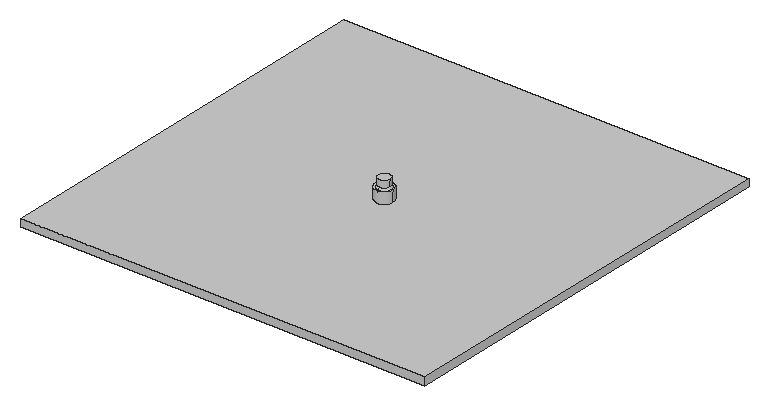
Revit family "SG0086523061CW", category Aparatos sanitarios, Revit 2019 (continued)
Automatic sketch dimensions
  plane 1 "Centro (Frontal/Posterior)" to Extrusion 1313 sketch curve = 150.0 mm
  Extrusion 1314 sketch curve to plane 4 = 125.0 mm
  plane 1 "Centro (Frontal/Posterior)" to Extrusion 1314 sketch curve = 150.0 mm
  Extrusion 1315 sketch curve to plane 4 = 125.0 mm
  plane 1 "Centro (Frontal/Posterior)" to Extrusion 1315 sketch curve = 150.0 mm
  Extrusion 1316 sketch curve to plane 4 = 150.0 mm
  plane 1 "Centro (Frontal/Posterior)" to Extrusion 1316 sketch curve = 150.0 mm
  Extrusion 1317 sketch curve to plane 4 = 150.0 mm
  plane 1 "Centro (Frontal/Posterior)" to Extrusion 1317 sketch curve = 150.0 mm
  Extrusion 1318 sketch curve to plane 4 = 175.0 mm
  plane 1 "Centro (Frontal/Posterior)" to Extrusion 1318 sketch curve = 150.0 mm
  Extrusion 1319 sketch curve to plane 4 = 175.0 mm
  plane 1 "Centro (Frontal/Posterior)" to Extrusion 1319 sketch curve = 150.0 mm
  Extrusion 1320 sketch curve to plane 3 "Centro (Izquierda/Derecha)" = 200.0 mm
  plane 1 "Centro (Frontal/Posterior)" to Extrusion 1320 sketch curve = 150.0 mm
  Extrusion 1321 sketch curve to plane 3 "Centro (Izquierda/Derecha)" = 200.0 mm
  plane 1 "Centro (Frontal/Posterior)" to Extrusion 1321 sketch curve = 150.0 mm
  Extrusion 1322 sketch curve to plane 3 "Centro (Izquierda/Derecha)" = 175.0 mm
  plane 1 "Centro (Frontal/Posterior)" to Extrusion 1322 sketch curve = 150.0 mm
  Extrusion 1323 sketch curve to plane 3 "Centro (Izquierda/Derecha)" = 175.0 mm
  plane 1 "Centro (Frontal/Posterior)" to Extrusion 1323 sketch curve = 150.0 mm
  Extrusion 1324 sketch curve to plane 3 "Centro (Izquierda/Derecha)" = 150.0 mm
  plane 1 "Centro (Frontal/Posterior)" to Extrusion 1324 sketch curve = 150.0 mm
  Extrusion 1325 sketch curve to plane 3 "Centro (Izquierda/Derecha)" = 150.0 mm
  plane 1 "Centro (Frontal/Posterior)" to Extrusion 1325 sketch curve = 150.0 mm
  Extrusion 1326 sketch curve to plane 3 "Centro (Izquierda/Derecha)" = 125.0 mm
  plane 1 "Centro (Frontal/Posterior)" to Extrusion 1326 sketch curve = 150.0 mm
  Extrusion 1327 sketch curve to plane 3 "Centro (Izquierda/Derecha)" = 125.0 mm
  plane 1 "Centro (Frontal/Posterior)" to Extrusion 1327 sketch curve = 150.0 mm
  Extrusion 1328 sketch curve to plane 3 "Centro (Izquierda/Derecha)" = 100.0 mm
  plane 1 "Centro (Frontal/Posterior)" to Extrusion 1328 sketch curve = 150.0 mm
  Extrusion 1329 sketch curve to plane 3 "Centro (Izquierda/Derecha)" = 100.0 mm
  plane 1 "Centro (Frontal/Posterior)" to Extrusion 1329 sketch curve = 150.0 mm
  Extrusion 1330 sketch curve to plane 3 "Centro (Izquierda/Derecha)" = 75.0 mm
  plane 1 "Centro (Frontal/Posterior)" to Extrusion 1330 sketch curve = 150.0 mm
  Extrusion 1331 sketch curve to plane 3 "Centro (Izquierda/Derecha)" = 75.0 mm
  plane 1 "Centro (Frontal/Posterior)" to Extrusion 1331 sketch curve = 150.0 mm
  Extrusion 1332 sketch curve to plane 3 "Centro (Izquierda/Derecha)" = 50.0 mm
  plane 1 "Centro (Frontal/Posterior)" to Extrusion 1332 sketch curve = 150.0 mm
  Extrusion 1333 sketch curve to plane 3 "Centro (Izquierda/Derecha)" = 50.0 mm
  plane 1 "Centro (Frontal/Posterior)" to Extrusion 1333 sketch curve = 150.0 mm
  Extrusion 1334 sketch curve to plane 3 "Centro (Izquierda/Derecha)" = 25.0 mm
  plane 1 "Centro (Frontal/Posterior)" to Extrusion 1334 sketch curve = 150.0 mm
  Extrusion 1335 sketch curve to plane 3 "Centro (Izquierda/Derecha)" = 25.0 mm
  plane 1 "Centro (Frontal/Posterior)" to Extrusion 1335 sketch curve = 150.0 mm
  Extrusion 1336 sketch curve to plane 3 "Centro (Izquierda/Derecha)" = 0.0 mm
  plane 1 "Centro (Frontal/Posterior)" to Extrusion 1336 sketch curve = 150.0 mm
  Extrusion 1337 sketch curve to plane 3 "Centro (Izquierda/Derecha)" = 0.0 mm
  plane 1 "Centro (Frontal/Posterior)" to Extrusion 1337 sketch curve = 150.0 mm
  plane 3 "Centro (Izquierda/Derecha)" to Extrusion 1338 sketch curve = 25.0 mm
  plane 1 "Centro (Frontal/Posterior)" to Extrusion 1338 sketch curve = 150.0 mm
  plane 3 "Centro (Izquierda/Derecha)" to Extrusion 1339 sketch curve = 25.0 mm
  plane 1 "Centro (Frontal/Posterior)" to Extrusion 1339 sketch curve = 150.0 mm
  plane 3 "Centro (Izquierda/Derecha)" to Extrusion 1340 sketch curve = 50.0 mm
  plane 1 "Centro (Frontal/Posterior)" to Extrusion 1340 sketch curve = 150.0 mm
  plane 3 "Centro (Izquierda/Derecha)" to Extrusion 1341 sketch curve = 50.0 mm
  plane 1 "Centro (Frontal/Posterior)" to Extrusion 1341 sketch curve = 150.0 mm
  plane 3 "Centro (Izquierda/Derecha)" to Extrusion 1342 sketch curve = 75.0 mm
  plane 1 "Centro (Frontal/Posterior)" to Extrusion 1342 sketch curve = 150.0 mm
  plane 3 "Centro (Izquierda/Derecha)" to Extrusion 1343 sketch curve = 75.0 mm
  plane 1 "Centro (Frontal/Posterior)" to Extrusion 1343 sketch curve = 150.0 mm
  plane 3 "Centro (Izquierda/Derecha)" to Extrusion 1344 sketch curve = 100.0 mm
  plane 1 "Centro (Frontal/Posterior)" to Extrusion 1344 sketch curve = 150.0 mm
  plane 3 "Centro (Izquierda/Derecha)" to Extrusion 1345 sketch curve = 100.0 mm
  plane 1 "Centro (Frontal/Posterior)" to Extrusion 1345 sketch curve = 150.0 mm
  plane 3 "Centro (Izquierda/Derecha)" to Extrusion 1346 sketch curve = 125.0 mm
  plane 1 "Centro (Frontal/Posterior)" to Extrusion 1346 sketch curve = 150.0 mm
  plane 3 "Centro (Izquierda/Derecha)" to Extrusion 1347 sketch curve = 125.0 mm
  plane 1 "Centro (Frontal/Posterior)" to Extrusion 1347 sketch curve = 150.0 mm
  plane 3 "Centro (Izquierda/Derecha)" to Extrusion 1348 sketch curve = 150.0 mm
  plane 1 "Centro (Frontal/Posterior)" to Extrusion 1348 sketch curve = 150.0 mm
  plane 3 "Centro (Izquierda/Derecha)" to Extrusion 1349 sketch curve = 150.0 mm
  plane 1 "Centro (Frontal/Posterior)" to Extrusion 1349 sketch curve = 150.0 mm
  plane 3 "Centro (Izquierda/Derecha)" to Extrusion 1350 sketch curve = 175.0 mm
  plane 1 "Centro (Frontal/Posterior)" to Extrusion 1350 sketch curve = 150.0 mm
  plane 3 "Centro (Izquierda/Derecha)" to Extrusion 1351 sketch curve = 175.0 mm
  plane 1 "Centro (Frontal/Posterior)" to Extrusion 1351 sketch curve = 150.0 mm
  plane 3 "Centro (Izquierda/Derecha)" to Extrusion 1352 sketch curve = 200.0 mm
  plane 1 "Centro (Frontal/Posterior)" to Extrusion 1352 sketch curve = 150.0 mm
  plane 3 "Centro (Izquierda/Derecha)" to Extrusion 1353 sketch curve = 200.0 mm
  plane 1 "Centro (Frontal/Posterior)" to Extrusion 1353 sketch curve = 150.0 mm
  plane 5 to Extrusion 1354 sketch curve = 175.0 mm
  plane 1 "Centro (Frontal/Posterior)" to Extrusion 1354 sketch curve = 150.0 mm
  plane 5 to Extrusion 1355 sketch curve = 175.0 mm
  plane 1 "Centro (Frontal/Posterior)" to Extrusion 1355 sketch curve = 150.0 mm
  plane 5 to Extrusion 1356 sketch curve = 150.0 mm
  plane 1 "Centro (Frontal/Posterior)" to Extrusion 1356 sketch curve = 150.0 mm
  plane 5 to Extrusion 1357 sketch curve = 150.0 mm
  plane 1 "Centro (Frontal/Posterior)" to Extrusion 1357 sketch curve = 150.0 mm
  plane 5 to Extrusion 1358 sketch curve = 125.0 mm
  plane 1 "Centro (Frontal/Posterior)" to Extrusion 1358 sketch curve = 150.0 mm
  plane 5 to Extrusion 1359 sketch curve = 125.0 mm
  plane 1 "Centro (Frontal/Posterior)" to Extrusion 1359 sketch curve = 150.0 mm
  plane 5 to Extrusion 1360 sketch curve = 100.0 mm
  plane 1 "Centro (Frontal/Posterior)" to Extrusion 1360 sketch curve = 150.0 mm
  plane 5 to Extrusion 1361 sketch curve = 100.0 mm
  plane 1 "Centro (Frontal/Posterior)" to Extrusion 1361 sketch curve = 150.0 mm
  plane 5 to Extrusion 1362 sketch curve = 75.0 mm
  plane 1 "Centro (Frontal/Posterior)" to Extrusion 1362 sketch curve = 150.0 mm
  plane 5 to Extrusion 1363 sketch curve = 75.0 mm
  plane 1 "Centro (Frontal/Posterior)" to Extrusion 1363 sketch curve = 150.0 mm
  plane 5 to Extrusion 1364 sketch curve = 50.0 mm
  plane 1 "Centro (Frontal/Posterior)" to Extrusion 1364 sketch curve = 150.0 mm
  plane 5 to Extrusion 1365 sketch curve = 50.0 mm
  plane 1 "Centro (Frontal/Posterior)" to Extrusion 1365 sketch curve = 150.0 mm
  plane 5 to Extrusion 1366 sketch curve = 25.0 mm
  plane 1 "Centro (Frontal/Posterior)" to Extrusion 1366 sketch curve = 150.0 mm
  plane 5 to Extrusion 1367 sketch curve = 25.0 mm
  plane 1 "Centro (Frontal/Posterior)" to Extrusion 1367 sketch curve = 150.0 mm
  Extrusion 1368 sketch curve to plane 4 = 25.0 mm
  plane 1 "Centro (Frontal/Posterior)" to Extrusion 1368 sketch curve = 175.0 mm
  Extrusion 1369 sketch curve to plane 4 = 25.0 mm
  plane 1 "Centro (Frontal/Posterior)" to Extrusion 1369 sketch curve = 175.0 mm
  Extrusion 1370 sketch curve to plane 4 = 50.0 mm
  plane 1 "Centro (Frontal/Posterior)" to Extrusion 1370 sketch curve = 175.0 mm
  Extrusion 1371 sketch curve to plane 4 = 50.0 mm
  plane 1 "Centro (Frontal/Posterior)" to Extrusion 1371 sketch curve = 175.0 mm
  Extrusion 1372 sketch curve to plane 4 = 75.0 mm
  plane 1 "Centro (Frontal/Posterior)" to Extrusion 1372 sketch curve = 175.0 mm
  Extrusion 1373 sketch curve to plane 4 = 75.0 mm
  plane 1 "Centro (Frontal/Posterior)" to Extrusion 1373 sketch curve = 175.0 mm
  Extrusion 1374 sketch curve to plane 4 = 100.0 mm
  plane 1 "Centro (Frontal/Posterior)" to Extrusion 1374 sketch curve = 175.0 mm
  Extrusion 1375 sketch curve to plane 4 = 100.0 mm
  plane 1 "Centro (Frontal/Posterior)" to Extrusion 1375 sketch curve = 175.0 mm
  Extrusion 1376 sketch curve to plane 4 = 125.0 mm
  plane 1 "Centro (Frontal/Posterior)" to Extrusion 1376 sketch curve = 175.0 mm
  Extrusion 1377 sketch curve to plane 4 = 125.0 mm
  plane 1 "Centro (Frontal/Posterior)" to Extrusion 1377 sketch curve = 175.0 mm
  Extrusion 1378 sketch curve to plane 4 = 150.0 mm
  plane 1 "Centro (Frontal/Posterior)" to Extrusion 1378 sketch curve = 175.0 mm
  Extrusion 1379 sketch curve to plane 4 = 150.0 mm
  plane 1 "Centro (Frontal/Posterior)" to Extrusion 1379 sketch curve = 175.0 mm
  Extrusion 1380 sketch curve to plane 4 = 175.0 mm
  plane 1 "Centro (Frontal/Posterior)" to Extrusion 1380 sketch curve = 175.0 mm
  Extrusion 1381 sketch curve to plane 4 = 175.0 mm
  plane 1 "Centro (Frontal/Posterior)" to Extrusion 1381 sketch curve = 175.0 mm
  Extrusion 1382 sketch curve to plane 3 "Centro (Izquierda/Derecha)" = 200.0 mm
  plane 1 "Centro (Frontal/Posterior)" to Extrusion 1382 sketch curve = 175.0 mm
  Extrusion 1383 sketch curve to plane 3 "Centro (Izquierda/Derecha)" = 200.0 mm
  plane 1 "Centro (Frontal/Posterior)" to Extrusion 1383 sketch curve = 175.0 mm
  Extrusion 1384 sketch curve to plane 3 "Centro (Izquierda/Derecha)" = 175.0 mm
  plane 1 "Centro (Frontal/Posterior)" to Extrusion 1384 sketch curve = 175.0 mm
  Extrusion 1385 sketch curve to plane 3 "Centro (Izquierda/Derecha)" = 175.0 mm
  plane 1 "Centro (Frontal/Posterior)" to Extrusion 1385 sketch curve = 175.0 mm
  Extrusion 1386 sketch curve to plane 3 "Centro (Izquierda/Derecha)" = 150.0 mm
  plane 1 "Centro (Frontal/Posterior)" to Extrusion 1386 sketch curve = 175.0 mm
  Extrusion 1387 sketch curve to plane 3 "Centro (Izquierda/Derecha)" = 150.0 mm
  plane 1 "Centro (Frontal/Posterior)" to Extrusion 1387 sketch curve = 175.0 mm
  Extrusion 1388 sketch curve to plane 3 "Centro (Izquierda/Derecha)" = 125.0 mm
  plane 1 "Centro (Frontal/Posterior)" to Extrusion 1388 sketch curve = 175.0 mm
  Extrusion 1389 sketch curve to plane 3 "Centro (Izquierda/Derecha)" = 125.0 mm
  plane 1 "Centro (Frontal/Posterior)" to Extrusion 1389 sketch curve = 175.0 mm
  Extrusion 1390 sketch curve to plane 3 "Centro (Izquierda/Derecha)" = 100.0 mm
  plane 1 "Centro (Frontal/Posterior)" to Extrusion 1390 sketch curve = 175.0 mm
  Extrusion 1391 sketch curve to plane 3 "Centro (Izquierda/Derecha)" = 100.0 mm
  plane 1 "Centro (Frontal/Posterior)" to Extrusion 1391 sketch curve = 175.0 mm
  Extrusion 1392 sketch curve to plane 3 "Centro (Izquierda/Derecha)" = 75.0 mm
  plane 1 "Centro (Frontal/Posterior)" to Extrusion 1392 sketch curve = 175.0 mm
  Extrusion 1393 sketch curve to plane 3 "Centro (Izquierda/Derecha)" = 75.0 mm
  plane 1 "Centro (Frontal/Posterior)" to Extrusion 1393 sketch curve = 175.0 mm
  Extrusion 1394 sketch curve to plane 3 "Centro (Izquierda/Derecha)" = 50.0 mm
  plane 1 "Centro (Frontal/Posterior)" to Extrusion 1394 sketch curve = 175.0 mm
  Extrusion 1395 sketch curve to plane 3 "Centro (Izquierda/Derecha)" = 50.0 mm
  plane 1 "Centro (Frontal/Posterior)" to Extrusion 1395 sketch curve = 175.0 mm
  Extrusion 1396 sketch curve to plane 3 "Centro (Izquierda/Derecha)" = 25.0 mm
  plane 1 "Centro (Frontal/Posterior)" to Extrusion 1396 sketch curve = 175.0 mm
  Extrusion 1397 sketch curve to plane 3 "Centro (Izquierda/Derecha)" = 25.0 mm
  plane 1 "Centro (Frontal/Posterior)" to Extrusion 1397 sketch curve = 175.0 mm
  Extrusion 1398 sketch curve to plane 3 "Centro (Izquierda/Derecha)" = 0.0 mm
  plane 1 "Centro (Frontal/Posterior)" to Extrusion 1398 sketch curve = 175.0 mm
  Extrusion 1399 sketch curve to plane 3 "Centro (Izquierda/Derecha)" = 0.0 mm
  plane 1 "Centro (Frontal/Posterior)" to Extrusion 1399 sketch curve = 175.0 mm
  plane 3 "Centro (Izquierda/Derecha)" to Extrusion 1400 sketch curve = 25.0 mm
  plane 1 "Centro (Frontal/Posterior)" to Extrusion 1400 sketch curve = 175.0 mm
  plane 3 "Centro (Izquierda/Derecha)" to Extrusion 1401 sketch curve = 25.0 mm
  plane 1 "Centro (Frontal/Posterior)" to Extrusion 1401 sketch curve = 175.0 mm
  plane 3 "Centro (Izquierda/Derecha)" to Extrusion 1402 sketch curve = 50.0 mm
  plane 1 "Centro (Frontal/Posterior)" to Extrusion 1402 sketch curve = 175.0 mm
  plane 3 "Centro (Izquierda/Derecha)" to Extrusion 1403 sketch curve = 50.0 mm
  plane 1 "Centro (Frontal/Posterior)" to Extrusion 1403 sketch curve = 175.0 mm
  plane 3 "Centro (Izquierda/Derecha)" to Extrusion 1404 sketch curve = 75.0 mm
  plane 1 "Centro (Frontal/Posterior)" to Extrusion 1404 sketch curve = 175.0 mm
  plane 3 "Centro (Izquierda/Derecha)" to Extrusion 1405 sketch curve = 75.0 mm
  plane 1 "Centro (Frontal/Posterior)" to Extrusion 1405 sketch curve = 175.0 mm
  plane 3 "Centro (Izquierda/Derecha)" to Extrusion 1406 sketch curve = 100.0 mm
  plane 1 "Centro (Frontal/Posterior)" to Extrusion 1406 sketch curve = 175.0 mm
  plane 3 "Centro (Izquierda/Derecha)" to Extrusion 1407 sketch curve = 100.0 mm
  plane 1 "Centro (Frontal/Posterior)" to Extrusion 1407 sketch curve = 175.0 mm
  plane 3 "Centro (Izquierda/Derecha)" to Extrusion 1408 sketch curve = 125.0 mm
  plane 1 "Centro (Frontal/Posterior)" to Extrusion 1408 sketch curve = 175.0 mm
  plane 3 "Centro (Izquierda/Derecha)" to Extrusion 1409 sketch curve = 125.0 mm
  plane 1 "Centro (Frontal/Posterior)" to Extrusion 1409 sketch curve = 175.0 mm
  plane 3 "Centro (Izquierda/Derecha)" to Extrusion 1410 sketch curve = 150.0 mm
  plane 1 "Centro (Frontal/Posterior)" to Extrusion 1410 sketch curve = 175.0 mm
  plane 3 "Centro (Izquierda/Derecha)" to Extrusion 1411 sketch curve = 150.0 mm
  plane 1 "Centro (Frontal/Posterior)" to Extrusion 1411 sketch curve = 175.0 mm
  plane 3 "Centro (Izquierda/Derecha)" to Extrusion 1412 sketch curve = 175.0 mm
  plane 1 "Centro (Frontal/Posterior)" to Extrusion 1412 sketch curve = 175.0 mm
  plane 3 "Centro (Izquierda/Derecha)" to Extrusion 1413 sketch curve = 175.0 mm
  plane 1 "Centro (Frontal/Posterior)" to Extrusion 1413 sketch curve = 175.0 mm
  plane 3 "Centro (Izquierda/Derecha)" to Extrusion 1414 sketch curve = 200.0 mm
  plane 1 "Centro (Frontal/Posterior)" to Extrusion 1414 sketch curve = 175.0 mm
  plane 3 "Centro (Izquierda/Derecha)" to Extrusion 1415 sketch curve = 200.0 mm
  plane 1 "Centro (Frontal/Posterior)" to Extrusion 1415 sketch curve = 175.0 mm
  plane 5 to Extrusion 1416 sketch curve = 175.0 mm
  plane 1 "Centro (Frontal/Posterior)" to Extrusion 1416 sketch curve = 175.0 mm
  plane 5 to Extrusion 1417 sketch curve = 175.0 mm
  plane 1 "Centro (Frontal/Posterior)" to Extrusion 1417 sketch curve = 175.0 mm
  plane 5 to Extrusion 1418 sketch curve = 150.0 mm
  plane 1 "Centro (Frontal/Posterior)" to Extrusion 1418 sketch curve = 175.0 mm
  plane 5 to Extrusion 1419 sketch curve = 150.0 mm
  plane 1 "Centro (Frontal/Posterior)" to Extrusion 1419 sketch curve = 175.0 mm
  plane 5 to Extrusion 1420 sketch curve = 125.0 mm
  plane 1 "Centro (Frontal/Posterior)" to Extrusion 1420 sketch curve = 175.0 mm
  plane 5 to Extrusion 1421 sketch curve = 125.0 mm
  plane 1 "Centro (Frontal/Posterior)" to Extrusion 1421 sketch curve = 175.0 mm
  plane 5 to Extrusion 1422 sketch curve = 100.0 mm
  plane 1 "Centro (Frontal/Posterior)" to Extrusion 1422 sketch curve = 175.0 mm
  plane 5 to Extrusion 1423 sketch curve = 100.0 mm
  plane 1 "Centro (Frontal/Posterior)" to Extrusion 1423 sketch curve = 175.0 mm
  plane 5 to Extrusion 1424 sketch curve = 75.0 mm
  plane 1 "Centro (Frontal/Posterior)" to Extrusion 1424 sketch curve = 175.0 mm
  plane 5 to Extrusion 1425 sketch curve = 75.0 mm
  plane 1 "Centro (Frontal/Posterior)" to Extrusion 1425 sketch curve = 175.0 mm
  plane 5 to Extrusion 1426 sketch curve = 50.0 mm
  plane 1 "Centro (Frontal/Posterior)" to Extrusion 1426 sketch curve = 175.0 mm
  plane 5 to Extrusion 1427 sketch curve = 50.0 mm
  plane 1 "Centro (Frontal/Posterior)" to Extrusion 1427 sketch curve = 175.0 mm
  plane 5 to Extrusion 1428 sketch curve = 25.0 mm
  plane 1 "Centro (Frontal/Posterior)" to Extrusion 1428 sketch curve = 175.0 mm
  plane 5 to Extrusion 1429 sketch curve = 25.0 mm
  plane 1 "Centro (Frontal/Posterior)" to Extrusion 1429 sketch curve = 175.0 mm
  Extrusion 1430 sketch curve to plane 4 = 25.0 mm
  plane 1 "Centro (Frontal/Posterior)" to Extrusion 1430 sketch curve = 200.0 mm
  Extrusion 1431 sketch curve to plane 4 = 25.0 mm
  plane 1 "Centro (Frontal/Posterior)" to Extrusion 1431 sketch curve = 200.0 mm
  Extrusion 1432 sketch curve to plane 4 = 50.0 mm
  plane 1 "Centro (Frontal/Posterior)" to Extrusion 1432 sketch curve = 200.0 mm
  Extrusion 1433 sketch curve to plane 4 = 50.0 mm
  plane 1 "Centro (Frontal/Posterior)" to Extrusion 1433 sketch curve = 200.0 mm
  Extrusion 1434 sketch curve to plane 4 = 75.0 mm
  plane 1 "Centro (Frontal/Posterior)" to Extrusion 1434 sketch curve = 200.0 mm
  Extrusion 1435 sketch curve to plane 4 = 75.0 mm
  plane 1 "Centro (Frontal/Posterior)" to Extrusion 1435 sketch curve = 200.0 mm
  Extrusion 1436 sketch curve to plane 4 = 100.0 mm
  plane 1 "Centro (Frontal/Posterior)" to Extrusion 1436 sketch curve = 200.0 mm
  Extrusion 1437 sketch curve to plane 4 = 100.0 mm
  plane 1 "Centro (Frontal/Posterior)" to Extrusion 1437 sketch curve = 200.0 mm
  Extrusion 1438 sketch curve to plane 4 = 125.0 mm
  plane 1 "Centro (Frontal/Posterior)" to Extrusion 1438 sketch curve = 200.0 mm
  Extrusion 1439 sketch curve to plane 4 = 125.0 mm
  plane 1 "Centro (Frontal/Posterior)" to Extrusion 1439 sketch curve = 200.0 mm
  Extrusion 1440 sketch curve to plane 4 = 150.0 mm
  plane 1 "Centro (Frontal/Posterior)" to Extrusion 1440 sketch curve = 200.0 mm
  Extrusion 1441 sketch curve to plane 4 = 150.0 mm
  plane 1 "Centro (Frontal/Posterior)" to Extrusion 1441 sketch curve = 200.0 mm
  Extrusion 1442 sketch curve to plane 4 = 175.0 mm
  plane 1 "Centro (Frontal/Posterior)" to Extrusion 1442 sketch curve = 200.0 mm
  Extrusion 1443 sketch curve to plane 4 = 175.0 mm
  plane 1 "Centro (Frontal/Posterior)" to Extrusion 1443 sketch curve = 200.0 mm
  Extrusion 1444 sketch curve to plane 3 "Centro (Izquierda/Derecha)" = 200.0 mm
  plane 1 "Centro (Frontal/Posterior)" to Extrusion 1444 sketch curve = 200.0 mm
  Extrusion 1445 sketch curve to plane 3 "Centro (Izquierda/Derecha)" = 200.0 mm
  plane 1 "Centro (Frontal/Posterior)" to Extrusion 1445 sketch curve = 200.0 mm
  Extrusion 1446 sketch curve to plane 3 "Centro (Izquierda/Derecha)" = 175.0 mm
  plane 1 "Centro (Frontal/Posterior)" to Extrusion 1446 sketch curve = 200.0 mm
  Extrusion 1447 sketch curve to plane 3 "Centro (Izquierda/Derecha)" = 175.0 mm
  plane 1 "Centro (Frontal/Posterior)" to Extrusion 1447 sketch curve = 200.0 mm
  Extrusion 1448 sketch curve to plane 3 "Centro (Izquierda/Derecha)" = 150.0 mm
  plane 1 "Centro (Frontal/Posterior)" to Extrusion 1448 sketch curve = 200.0 mm
  Extrusion 1449 sketch curve to plane 3 "Centro (Izquierda/Derecha)" = 150.0 mm
  plane 1 "Centro (Frontal/Posterior)" to Extrusion 1449 sketch curve = 200.0 mm
  Extrusion 1450 sketch curve to plane 3 "Centro (Izquierda/Derecha)" = 125.0 mm
  plane 1 "Centro (Frontal/Posterior)" to Extrusion 1450 sketch curve = 200.0 mm
  Extrusion 1451 sketch curve to plane 3 "Centro (Izquierda/Derecha)" = 125.0 mm
  plane 1 "Centro (Frontal/Posterior)" to Extrusion 1451 sketch curve = 200.0 mm
  Extrusion 1452 sketch curve to plane 3 "Centro (Izquierda/Derecha)" = 100.0 mm
  plane 1 "Centro (Frontal/Posterior)" to Extrusion 1452 sketch curve = 200.0 mm
  Extrusion 1453 sketch curve to plane 3 "Centro (Izquierda/Derecha)" = 100.0 mm
  plane 1 "Centro (Frontal/Posterior)" to Extrusion 1453 sketch curve = 200.0 mm
  Extrusion 1454 sketch curve to plane 3 "Centro (Izquierda/Derecha)" = 75.0 mm
  plane 1 "Centro (Frontal/Posterior)" to Extrusion 1454 sketch curve = 200.0 mm
  Extrusion 1455 sketch curve to plane 3 "Centro (Izquierda/Derecha)" = 75.0 mm
  plane 1 "Centro (Frontal/Posterior)" to Extrusion 1455 sketch curve = 200.0 mm
  Extrusion 1456 sketch curve to plane 3 "Centro (Izquierda/Derecha)" = 50.0 mm
  plane 1 "Centro (Frontal/Posterior)" to Extrusion 1456 sketch curve = 200.0 mm
  Extrusion 1457 sketch curve to plane 3 "Centro (Izquierda/Derecha)" = 50.0 mm
  plane 1 "Centro (Frontal/Posterior)" to Extrusion 1457 sketch curve = 200.0 mm
  Extrusion 1458 sketch curve to plane 3 "Centro (Izquierda/Derecha)" = 25.0 mm
  plane 1 "Centro (Frontal/Posterior)" to Extrusion 1458 sketch curve = 200.0 mm
  Extrusion 1459 sketch curve to plane 3 "Centro (Izquierda/Derecha)" = 25.0 mm
  plane 1 "Centro (Frontal/Posterior)" to Extrusion 1459 sketch curve = 200.0 mm
  Extrusion 1460 sketch curve to plane 3 "Centro (Izquierda/Derecha)" = 0.0 mm
  plane 1 "Centro (Frontal/Posterior)" to Extrusion 1460 sketch curve = 200.0 mm
  Extrusion 1461 sketch curve to plane 3 "Centro (Izquierda/Derecha)" = 0.0 mm
  plane 1 "Centro (Frontal/Posterior)" to Extrusion 1461 sketch curve = 200.0 mm
  plane 3 "Centro (Izquierda/Derecha)" to Extrusion 1462 sketch curve = 25.0 mm
  plane 1 "Centro (Frontal/Posterior)" to Extrusion 1462 sketch curve = 200.0 mm
  plane 3 "Centro (Izquierda/Derecha)" to Extrusion 1463 sketch curve = 25.0 mm
  plane 1 "Centro (Frontal/Posterior)" to Extrusion 1463 sketch curve = 200.0 mm
  plane 3 "Centro (Izquierda/Derecha)" to Extrusion 1464 sketch curve = 50.0 mm
  plane 1 "Centro (Frontal/Posterior)" to Extrusion 1464 sketch curve = 200.0 mm
  plane 3 "Centro (Izquierda/Derecha)" to Extrusion 1465 sketch curve = 50.0 mm
  plane 1 "Centro (Frontal/Posterior)" to Extrusion 1465 sketch curve = 200.0 mm
  plane 3 "Centro (Izquierda/Derecha)" to Extrusion 1466 sketch curve = 75.0 mm
  plane 1 "Centro (Frontal/Posterior)" to Extrusion 1466 sketch curve = 200.0 mm
  plane 3 "Centro (Izquierda/Derecha)" to Extrusion 1467 sketch curve = 75.0 mm
  plane 1 "Centro (Frontal/Posterior)" to Extrusion 1467 sketch curve = 200.0 mm
  plane 3 "Centro (Izquierda/Derecha)" to Extrusion 1468 sketch curve = 100.0 mm
  plane 1 "Centro (Frontal/Posterior)" to Extrusion 1468 sketch curve = 200.0 mm
  plane 3 "Centro (Izquierda/Derecha)" to Extrusion 1469 sketch curve = 100.0 mm
  plane 1 "Centro (Frontal/Posterior)" to Extrusion 1469 sketch curve = 200.0 mm
  plane 3 "Centro (Izquierda/Derecha)" to Extrusion 1470 sketch curve = 125.0 mm
  plane 1 "Centro (Frontal/Posterior)" to Extrusion 1470 sketch curve = 200.0 mm
  plane 3 "Centro (Izquierda/Derecha)" to Extrusion 1471 sketch curve = 125.0 mm
  plane 1 "Centro (Frontal/Posterior)" to Extrusion 1471 sketch curve = 200.0 mm
  plane 3 "Centro (Izquierda/Derecha)" to Extrusion 1472 sketch curve = 150.0 mm
  plane 1 "Centro (Frontal/Posterior)" to Extrusion 1472 sketch curve = 200.0 mm
  plane 3 "Centro (Izquierda/Derecha)" to Extrusion 1473 sketch curve = 150.0 mm
  plane 1 "Centro (Frontal/Posterior)" to Extrusion 1473 sketch curve = 200.0 mm
  plane 3 "Centro (Izquierda/Derecha)" to Extrusion 1474 sketch curve = 175.0 mm
  plane 1 "Centro (Frontal/Posterior)" to Extrusion 1474 sketch curve = 200.0 mm
  plane 3 "Centro (Izquierda/Derecha)" to Extrusion 1475 sketch curve = 175.0 mm
  plane 1 "Centro (Frontal/Posterior)" to Extrusion 1475 sketch curve = 200.0 mm
  plane 3 "Centro (Izquierda/Derecha)" to Extrusion 1476 sketch curve = 200.0 mm
  plane 1 "Centro (Frontal/Posterior)" to Extrusion 1476 sketch curve = 200.0 mm
  plane 3 "Centro (Izquierda/Derecha)" to Extrusion 1477 sketch curve = 200.0 mm
  plane 1 "Centro (Frontal/Posterior)" to Extrusion 1477 sketch curve = 200.0 mm
  plane 5 to Extrusion 1478 sketch curve = 175.0 mm
  plane 1 "Centro (Frontal/Posterior)" to Extrusion 1478 sketch curve = 200.0 mm
  plane 5 to Extrusion 1479 sketch curve = 175.0 mm
  plane 1 "Centro (Frontal/Posterior)" to Extrusion 1479 sketch curve = 200.0 mm
  plane 5 to Extrusion 1480 sketch curve = 150.0 mm
  plane 1 "Centro (Frontal/Posterior)" to Extrusion 1480 sketch curve = 200.0 mm
  plane 5 to Extrusion 1481 sketch curve = 150.0 mm
  plane 1 "Centro (Frontal/Posterior)" to Extrusion 1481 sketch curve = 200.0 mm
  plane 5 to Extrusion 1482 sketch curve = 125.0 mm
  plane 1 "Centro (Frontal/Posterior)" to Extrusion 1482 sketch curve = 200.0 mm
  plane 5 to Extrusion 1483 sketch curve = 125.0 mm
  plane 1 "Centro (Frontal/Posterior)" to Extrusion 1483 sketch curve = 200.0 mm
  plane 5 to Extrusion 1484 sketch curve = 100.0 mm
  plane 1 "Centro (Frontal/Posterior)" to Extrusion 1484 sketch curve = 200.0 mm
  plane 5 to Extrusion 1485 sketch curve = 100.0 mm
  plane 1 "Centro (Frontal/Posterior)" to Extrusion 1485 sketch curve = 200.0 mm
  plane 5 to Extrusion 1486 sketch curve = 75.0 mm
  plane 1 "Centro (Frontal/Posterior)" to Extrusion 1486 sketch curve = 200.0 mm
  plane 5 to Extrusion 1487 sketch curve = 75.0 mm
  plane 1 "Centro (Frontal/Posterior)" to Extrusion 1487 sketch curve = 200.0 mm
  plane 5 to Extrusion 1488 sketch curve = 50.0 mm
  plane 1 "Centro (Frontal/Posterior)" to Extrusion 1488 sketch curve = 200.0 mm
  plane 5 to Extrusion 1489 sketch curve = 50.0 mm
  plane 1 "Centro (Frontal/Posterior)" to Extrusion 1489 sketch curve = 200.0 mm
  plane 5 to Extrusion 1490 sketch curve = 25.0 mm
  plane 1 "Centro (Frontal/Posterior)" to Extrusion 1490 sketch curve = 200.0 mm
  plane 5 to Extrusion 1491 sketch curve = 25.0 mm
  plane 1 "Centro (Frontal/Posterior)" to Extrusion 1491 sketch curve = 200.0 mm
  Extrusion 1492 sketch curve to plane 4 = 25.0 mm
  Extrusion 1492 sketch curve to plane 7 = 175.0 mm
  Extrusion 1493 sketch curve to plane 4 = 25.0 mm
  Extrusion 1493 sketch curve to plane 7 = 175.0 mm
  Extrusion 1494 sketch curve to plane 4 = 50.0 mm
  Extrusion 1494 sketch curve to plane 7 = 175.0 mm
  Extrusion 1495 sketch curve to plane 4 = 50.0 mm
  Extrusion 1495 sketch curve to plane 7 = 175.0 mm
  Extrusion 1496 sketch curve to plane 4 = 75.0 mm
  Extrusion 1496 sketch curve to plane 7 = 175.0 mm
  Extrusion 1497 sketch curve to plane 4 = 75.0 mm
  Extrusion 1497 sketch curve to plane 7 = 175.0 mm
  Extrusion 1498 sketch curve to plane 4 = 100.0 mm
  Extrusion 1498 sketch curve to plane 7 = 175.0 mm
  Extrusion 1499 sketch curve to plane 4 = 100.0 mm
  Extrusion 1499 sketch curve to plane 7 = 175.0 mm
  Extrusion 1500 sketch curve to plane 4 = 125.0 mm
  Extrusion 1500 sketch curve to plane 7 = 175.0 mm
  Extrusion 1501 sketch curve to plane 4 = 125.0 mm
  Extrusion 1501 sketch curve to plane 7 = 175.0 mm
  Extrusion 1502 sketch curve to plane 4 = 150.0 mm
  Extrusion 1502 sketch curve to plane 7 = 175.0 mm
  Extrusion 1503 sketch curve to plane 4 = 150.0 mm
  Extrusion 1503 sketch curve to plane 7 = 175.0 mm
  Extrusion 1504 sketch curve to plane 4 = 175.0 mm
  Extrusion 1504 sketch curve to plane 7 = 175.0 mm
  Extrusion 1505 sketch curve to plane 4 = 175.0 mm
  Extrusion 1505 sketch curve to plane 7 = 175.0 mm
  Extrusion 1506 sketch curve to plane 3 "Centro (Izquierda/Derecha)" = 200.0 mm
  Extrusion 1506 sketch curve to plane 7 = 175.0 mm
  Extrusion 1507 sketch curve to plane 3 "Centro (Izquierda/Derecha)" = 200.0 mm
  Extrusion 1507 sketch curve to plane 7 = 175.0 mm
  Extrusion 1508 sketch curve to plane 3 "Centro (Izquierda/Derecha)" = 175.0 mm
  Extrusion 1508 sketch curve to plane 7 = 175.0 mm
  Extrusion 1509 sketch curve to plane 3 "Centro (Izquierda/Derecha)" = 175.0 mm
  Extrusion 1509 sketch curve to plane 7 = 175.0 mm
  Extrusion 1510 sketch curve to plane 3 "Centro (Izquierda/Derecha)" = 150.0 mm
  Extrusion 1510 sketch curve to plane 7 = 175.0 mm
  Extrusion 1511 sketch curve to plane 3 "Centro (Izquierda/Derecha)" = 150.0 mm
  Extrusion 1511 sketch curve to plane 7 = 175.0 mm
  Extrusion 1512 sketch curve to plane 3 "Centro (Izquierda/Derecha)" = 125.0 mm
  Extrusion 1512 sketch curve to plane 7 = 175.0 mm
  Extrusion 1513 sketch curve to plane 3 "Centro (Izquierda/Derecha)" = 125.0 mm
  Extrusion 1513 sketch curve to plane 7 = 175.0 mm
  Extrusion 1514 sketch curve to plane 3 "Centro (Izquierda/Derecha)" = 100.0 mm
  Extrusion 1514 sketch curve to plane 7 = 175.0 mm
  Extrusion 1515 sketch curve to plane 3 "Centro (Izquierda/Derecha)" = 100.0 mm
  Extrusion 1515 sketch curve to plane 7 = 175.0 mm
  Extrusion 1516 sketch curve to plane 3 "Centro (Izquierda/Derecha)" = 75.0 mm
  Extrusion 1516 sketch curve to plane 7 = 175.0 mm
  Extrusion 1517 sketch curve to plane 3 "Centro (Izquierda/Derecha)" = 75.0 mm
  Extrusion 1517 sketch curve to plane 7 = 175.0 mm
  Extrusion 1518 sketch curve to plane 3 "Centro (Izquierda/Derecha)" = 50.0 mm
  Extrusion 1518 sketch curve to plane 7 = 175.0 mm
  Extrusion 1519 sketch curve to plane 3 "Centro (Izquierda/Derecha)" = 50.0 mm
  Extrusion 1519 sketch curve to plane 7 = 175.0 mm
  Extrusion 1520 sketch curve to plane 3 "Centro (Izquierda/Derecha)" = 25.0 mm
  Extrusion 1520 sketch curve to plane 7 = 175.0 mm
  Extrusion 1521 sketch curve to plane 3 "Centro (Izquierda/Derecha)" = 25.0 mm
  Extrusion 1521 sketch curve to plane 7 = 175.0 mm
  Extrusion 1522 sketch curve to plane 3 "Centro (Izquierda/Derecha)" = 0.0 mm
  Extrusion 1522 sketch curve to plane 7 = 175.0 mm
  Extrusion 1523 sketch curve to plane 3 "Centro (Izquierda/Derecha)" = 0.0 mm
  Extrusion 1523 sketch curve to plane 7 = 175.0 mm
  plane 3 "Centro (Izquierda/Derecha)" to Extrusion 1524 sketch curve = 25.0 mm
  Extrusion 1524 sketch curve to plane 7 = 175.0 mm
  plane 3 "Centro (Izquierda/Derecha)" to Extrusion 1525 sketch curve = 25.0 mm
  Extrusion 1525 sketch curve to plane 7 = 175.0 mm
  plane 3 "Centro (Izquierda/Derecha)" to Extrusion 1526 sketch curve = 50.0 mm
  Extrusion 1526 sketch curve to plane 7 = 175.0 mm
  plane 3 "Centro (Izquierda/Derecha)" to Extrusion 1527 sketch curve = 50.0 mm
  Extrusion 1527 sketch curve to plane 7 = 175.0 mm
  plane 3 "Centro (Izquierda/Derecha)" to Extrusion 1528 sketch curve = 75.0 mm
  Extrusion 1528 sketch curve to plane 7 = 175.0 mm
  plane 3 "Centro (Izquierda/Derecha)" to Extrusion 1529 sketch curve = 75.0 mm
  Extrusion 1529 sketch curve to plane 7 = 175.0 mm
  plane 3 "Centro (Izquierda/Derecha)" to Extrusion 1530 sketch curve = 100.0 mm
  Extrusion 1530 sketch curve to plane 7 = 175.0 mm
  plane 3 "Centro (Izquierda/Derecha)" to Extrusion 1531 sketch curve = 100.0 mm
  Extrusion 1531 sketch curve to plane 7 = 175.0 mm
  plane 3 "Centro (Izquierda/Derecha)" to Extrusion 1532 sketch curve = 125.0 mm
  Extrusion 1532 sketch curve to plane 7 = 175.0 mm
  plane 3 "Centro (Izquierda/Derecha)" to Extrusion 1533 sketch curve = 125.0 mm
  Extrusion 1533 sketch curve to plane 7 = 175.0 mm
  plane 3 "Centro (Izquierda/Derecha)" to Extrusion 1534 sketch curve = 150.0 mm
  Extrusion 1534 sketch curve to plane 7 = 175.0 mm
  plane 3 "Centro (Izquierda/Derecha)" to Extrusion 1535 sketch curve = 150.0 mm
  Extrusion 1535 sketch curve to plane 7 = 175.0 mm
  plane 3 "Centro (Izquierda/Derecha)" to Extrusion 1536 sketch curve = 175.0 mm
  Extrusion 1536 sketch curve to plane 7 = 175.0 mm
  plane 3 "Centro (Izquierda/Derecha)" to Extrusion 1537 sketch curve = 175.0 mm
  Extrusion 1537 sketch curve to plane 7 = 175.0 mm
  plane 3 "Centro (Izquierda/Derecha)" to Extrusion 1538 sketch curve = 200.0 mm
  Extrusion 1538 sketch curve to plane 7 = 175.0 mm
  plane 3 "Centro (Izquierda/Derecha)" to Extrusion 1539 sketch curve = 200.0 mm
  Extrusion 1539 sketch curve to plane 7 = 175.0 mm
  plane 5 to Extrusion 1540 sketch curve = 175.0 mm
  Extrusion 1540 sketch curve to plane 7 = 175.0 mm
  plane 5 to Extrusion 1541 sketch curve = 175.0 mm
  Extrusion 1541 sketch curve to plane 7 = 175.0 mm
  plane 5 to Extrusion 1542 sketch curve = 150.0 mm
  Extrusion 1542 sketch curve to plane 7 = 175.0 mm
  plane 5 to Extrusion 1543 sketch curve = 150.0 mm
  Extrusion 1543 sketch curve to plane 7 = 175.0 mm
  plane 5 to Extrusion 1544 sketch curve = 125.0 mm
  Extrusion 1544 sketch curve to plane 7 = 175.0 mm
  plane 5 to Extrusion 1545 sketch curve = 125.0 mm
  Extrusion 1545 sketch curve to plane 7 = 175.0 mm
  plane 5 to Extrusion 1546 sketch curve = 100.0 mm
  Extrusion 1546 sketch curve to plane 7 = 175.0 mm
  plane 5 to Extrusion 1547 sketch curve = 100.0 mm
  Extrusion 1547 sketch curve to plane 7 = 175.0 mm
  plane 5 to Extrusion 1548 sketch curve = 75.0 mm
  Extrusion 1548 sketch curve to plane 7 = 175.0 mm
  plane 5 to Extrusion 1549 sketch curve = 75.0 mm
  Extrusion 1549 sketch curve to plane 7 = 175.0 mm
  plane 5 to Extrusion 1550 sketch curve = 50.0 mm
  Extrusion 1550 sketch curve to plane 7 = 175.0 mm
  plane 5 to Extrusion 1551 sketch curve = 50.0 mm
  Extrusion 1551 sketch curve to plane 7 = 175.0 mm
  plane 5 to Extrusion 1552 sketch curve = 25.0 mm
  Extrusion 1552 sketch curve to plane 7 = 175.0 mm
  plane 5 to Extrusion 1553 sketch curve = 25.0 mm
  Extrusion 1553 sketch curve to plane 7 = 175.0 mm
  Extrusion 1554 sketch curve to plane 4 = 25.0 mm
  Extrusion 1554 sketch curve to plane 7 = 150.0 mm
  Extrusion 1555 sketch curve to plane 4 = 25.0 mm
  Extrusion 1555 sketch curve to plane 7 = 150.0 mm
  Extrusion 1556 sketch curve to plane 4 = 50.0 mm
  Extrusion 1556 sketch curve to plane 7 = 150.0 mm
  Extrusion 1557 sketch curve to plane 4 = 50.0 mm
  Extrusion 1557 sketch curve to plane 7 = 150.0 mm
  Extrusion 1558 sketch curve to plane 4 = 75.0 mm
  Extrusion 1558 sketch curve to plane 7 = 150.0 mm
  Extrusion 1559 sketch curve to plane 4 = 75.0 mm
  Extrusion 1559 sketch curve to plane 7 = 150.0 mm
  Extrusion 1560 sketch curve to plane 4 = 100.0 mm
  Extrusion 1560 sketch curve to plane 7 = 150.0 mm
  Extrusion 1561 sketch curve to plane 4 = 100.0 mm
  Extrusion 1561 sketch curve to plane 7 = 150.0 mm
  Extrusion 1562 sketch curve to plane 4 = 125.0 mm
  Extrusion 1562 sketch curve to plane 7 = 150.0 mm
  Extrusion 1563 sketch curve to plane 4 = 125.0 mm
  Extrusion 1563 sketch curve to plane 7 = 150.0 mm
  Extrusion 1564 sketch curve to plane 4 = 150.0 mm
  Extrusion 1564 sketch curve to plane 7 = 150.0 mm
  Extrusion 1565 sketch curve to plane 4 = 150.0 mm
  Extrusion 1565 sketch curve to plane 7 = 150.0 mm
  Extrusion 1566 sketch curve to plane 4 = 175.0 mm
  Extrusion 1566 sketch curve to plane 7 = 150.0 mm
  Extrusion 1567 sketch curve to plane 4 = 175.0 mm
  Extrusion 1567 sketch curve to plane 7 = 150.0 mm
  Extrusion 1568 sketch curve to plane 3 "Centro (Izquierda/Derecha)" = 200.0 mm
  Extrusion 1568 sketch curve to plane 7 = 150.0 mm
  Extrusion 1569 sketch curve to plane 3 "Centro (Izquierda/Derecha)" = 200.0 mm
  Extrusion 1569 sketch curve to plane 7 = 150.0 mm
  Extrusion 1570 sketch curve to plane 3 "Centro (Izquierda/Derecha)" = 175.0 mm
  Extrusion 1570 sketch curve to plane 7 = 150.0 mm
  Extrusion 1571 sketch curve to plane 3 "Centro (Izquierda/Derecha)" = 175.0 mm
  Extrusion 1571 sketch curve to plane 7 = 150.0 mm
  Extrusion 1572 sketch curve to plane 3 "Centro (Izquierda/Derecha)" = 150.0 mm
  Extrusion 1572 sketch curve to plane 7 = 150.0 mm
  Extrusion 1573 sketch curve to plane 3 "Centro (Izquierda/Derecha)" = 150.0 mm
  Extrusion 1573 sketch curve to plane 7 = 150.0 mm
  Extrusion 1574 sketch curve to plane 3 "Centro (Izquierda/Derecha)" = 125.0 mm
  Extrusion 1574 sketch curve to plane 7 = 150.0 mm
  Extrusion 1575 sketch curve to plane 3 "Centro (Izquierda/Derecha)" = 125.0 mm
  Extrusion 1575 sketch curve to plane 7 = 150.0 mm
  Extrusion 1576 sketch curve to plane 3 "Centro (Izquierda/Derecha)" = 100.0 mm
  Extrusion 1576 sketch curve to plane 7 = 150.0 mm
  Extrusion 1577 sketch curve to plane 3 "Centro (Izquierda/Derecha)" = 100.0 mm
  Extrusion 1577 sketch curve to plane 7 = 150.0 mm
  Extrusion 1578 sketch curve to plane 3 "Centro (Izquierda/Derecha)" = 75.0 mm
  Extrusion 1578 sketch curve to plane 7 = 150.0 mm
  Extrusion 1579 sketch curve to plane 3 "Centro (Izquierda/Derecha)" = 75.0 mm
  Extrusion 1579 sketch curve to plane 7 = 150.0 mm
  Extrusion 1580 sketch curve to plane 3 "Centro (Izquierda/Derecha)" = 50.0 mm
  Extrusion 1580 sketch curve to plane 7 = 150.0 mm
  Extrusion 1581 sketch curve to plane 3 "Centro (Izquierda/Derecha)" = 50.0 mm
  Extrusion 1581 sketch curve to plane 7 = 150.0 mm
  Extrusion 1582 sketch curve to plane 3 "Centro (Izquierda/Derecha)" = 25.0 mm
  Extrusion 1582 sketch curve to plane 7 = 150.0 mm
  Extrusion 1583 sketch curve to plane 3 "Centro (Izquierda/Derecha)" = 25.0 mm
  Extrusion 1583 sketch curve to plane 7 = 150.0 mm
  Extrusion 1584 sketch curve to plane 3 "Centro (Izquierda/Derecha)" = 0.0 mm
  Extrusion 1584 sketch curve to plane 7 = 150.0 mm
  Extrusion 1585 sketch curve to plane 3 "Centro (Izquierda/Derecha)" = 0.0 mm
  Extrusion 1585 sketch curve to plane 7 = 150.0 mm
  plane 3 "Centro (Izquierda/Derecha)" to Extrusion 1586 sketch curve = 25.0 mm
  Extrusion 1586 sketch curve to plane 7 = 150.0 mm
  plane 3 "Centro (Izquierda/Derecha)" to Extrusion 1587 sketch curve = 25.0 mm
  Extrusion 1587 sketch curve to plane 7 = 150.0 mm
  plane 3 "Centro (Izquierda/Derecha)" to Extrusion 1588 sketch curve = 50.0 mm
  Extrusion 1588 sketch curve to plane 7 = 150.0 mm
  plane 3 "Centro (Izquierda/Derecha)" to Extrusion 1589 sketch curve = 50.0 mm
  Extrusion 1589 sketch curve to plane 7 = 150.0 mm
  plane 3 "Centro (Izquierda/Derecha)" to Extrusion 1590 sketch curve = 75.0 mm
  Extrusion 1590 sketch curve to plane 7 = 150.0 mm
  plane 3 "Centro (Izquierda/Derecha)" to Extrusion 1591 sketch curve = 75.0 mm
  Extrusion 1591 sketch curve to plane 7 = 150.0 mm
  plane 3 "Centro (Izquierda/Derecha)" to Extrusion 1592 sketch curve = 100.0 mm
  Extrusion 1592 sketch curve to plane 7 = 150.0 mm
  plane 3 "Centro (Izquierda/Derecha)" to Extrusion 1593 sketch curve = 100.0 mm
  Extrusion 1593 sketch curve to plane 7 = 150.0 mm
  plane 3 "Centro (Izquierda/Derecha)" to Extrusion 1594 sketch curve = 125.0 mm
  Extrusion 1594 sketch curve to plane 7 = 150.0 mm
  plane 3 "Centro (Izquierda/Derecha)" to Extrusion 1595 sketch curve = 125.0 mm
  Extrusion 1595 sketch curve to plane 7 = 150.0 mm
  plane 3 "Centro (Izquierda/Derecha)" to Extrusion 1596 sketch curve = 150.0 mm
  Extrusion 1596 sketch curve to plane 7 = 150.0 mm
  plane 3 "Centro (Izquierda/Derecha)" to Extrusion 1597 sketch curve = 150.0 mm
  Extrusion 1597 sketch curve to plane 7 = 150.0 mm
  plane 3 "Centro (Izquierda/Derecha)" to Extrusion 1598 sketch curve = 175.0 mm
  Extrusion 1598 sketch curve to plane 7 = 150.0 mm
  plane 3 "Centro (Izquierda/Derecha)" to Extrusion 1599 sketch curve = 175.0 mm
  Extrusion 1599 sketch curve to plane 7 = 150.0 mm
  plane 3 "Centro (Izquierda/Derecha)" to Extrusion 1600 sketch curve = 200.0 mm
  Extrusion 1600 sketch curve to plane 7 = 150.0 mm
  plane 3 "Centro (Izquierda/Derecha)" to Extrusion 1601 sketch curve = 200.0 mm
  Extrusion 1601 sketch curve to plane 7 = 150.0 mm
  plane 5 to Extrusion 1602 sketch curve = 175.0 mm
  Extrusion 1602 sketch curve to plane 7 = 150.0 mm
  plane 5 to Extrusion 1603 sketch curve = 175.0 mm
  Extrusion 1603 sketch curve to plane 7 = 150.0 mm
  plane 5 to Extrusion 1604 sketch curve = 150.0 mm
  Extrusion 1604 sketch curve to plane 7 = 150.0 mm
  plane 5 to Extrusion 1605 sketch curve = 150.0 mm
  Extrusion 1605 sketch curve to plane 7 = 150.0 mm
  plane 5 to Extrusion 1606 sketch curve = 125.0 mm
  Extrusion 1606 sketch curve to plane 7 = 150.0 mm
  plane 5 to Extrusion 1607 sketch curve = 125.0 mm
  Extrusion 1607 sketch curve to plane 7 = 150.0 mm
  plane 5 to Extrusion 1608 sketch curve = 100.0 mm
  Extrusion 1608 sketch curve to plane 7 = 150.0 mm
  plane 5 to Extrusion 1609 sketch curve = 100.0 mm
  Extrusion 1609 sketch curve to plane 7 = 150.0 mm
  plane 5 to Extrusion 1610 sketch curve = 75.0 mm
  Extrusion 1610 sketch curve to plane 7 = 150.0 mm
  plane 5 to Extrusion 1611 sketch curve = 75.0 mm
  Extrusion 1611 sketch curve to plane 7 = 150.0 mm
  plane 5 to Extrusion 1612 sketch curve = 50.0 mm
  Extrusion 1612 sketch curve to plane 7 = 150.0 mm
  plane 5 to Extrusion 1613 sketch curve = 50.0 mm
  Extrusion 1613 sketch curve to plane 7 = 150.0 mm
  plane 5 to Extrusion 1614 sketch curve = 25.0 mm
  Extrusion 1614 sketch curve to plane 7 = 150.0 mm
  plane 5 to Extrusion 1615 sketch curve = 25.0 mm
  Extrusion 1615 sketch curve to plane 7 = 150.0 mm
  Extrusion 1616 sketch curve to plane 4 = 25.0 mm
  Extrusion 1616 sketch curve to plane 7 = 125.0 mm
  Extrusion 1617 sketch curve to plane 4 = 25.0 mm
  Extrusion 1617 sketch curve to plane 7 = 125.0 mm
  Extrusion 1618 sketch curve to plane 4 = 50.0 mm
  Extrusion 1618 sketch curve to plane 7 = 125.0 mm
  Extrusion 1619 sketch curve to plane 4 = 50.0 mm
  Extrusion 1619 sketch curve to plane 7 = 125.0 mm
  Extrusion 1620 sketch curve to plane 4 = 75.0 mm
  Extrusion 1620 sketch curve to plane 7 = 125.0 mm
  Extrusion 1621 sketch curve to plane 4 = 75.0 mm
  Extrusion 1621 sketch curve to plane 7 = 125.0 mm
  Extrusion 1622 sketch curve to plane 4 = 100.0 mm
  Extrusion 1622 sketch curve to plane 7 = 125.0 mm
  Extrusion 1623 sketch curve to plane 4 = 100.0 mm
  Extrusion 1623 sketch curve to plane 7 = 125.0 mm
  Extrusion 1624 sketch curve to plane 4 = 125.0 mm
  Extrusion 1624 sketch curve to plane 7 = 125.0 mm
  Extrusion 1625 sketch curve to plane 4 = 125.0 mm
  Extrusion 1625 sketch curve to plane 7 = 125.0 mm
  Extrusion 1626 sketch curve to plane 4 = 150.0 mm
  Extrusion 1626 sketch curve to plane 7 = 125.0 mm
  Extrusion 1627 sketch curve to plane 4 = 150.0 mm
  Extrusion 1627 sketch curve to plane 7 = 125.0 mm
  Extrusion 1628 sketch curve to plane 4 = 175.0 mm
  Extrusion 1628 sketch curve to plane 7 = 125.0 mm
  Extrusion 1629 sketch curve to plane 4 = 175.0 mm
  Extrusion 1629 sketch curve to plane 7 = 125.0 mm
  Extrusion 1630 sketch curve to plane 3 "Centro (Izquierda/Derecha)" = 200.0 mm
  Extrusion 1630 sketch curve to plane 7 = 125.0 mm
  Extrusion 1631 sketch curve to plane 3 "Centro (Izquierda/Derecha)" = 200.0 mm
  Extrusion 1631 sketch curve to plane 7 = 125.0 mm
  Extrusion 1632 sketch curve to plane 3 "Centro (Izquierda/Derecha)" = 175.0 mm
  Extrusion 1632 sketch curve to plane 7 = 125.0 mm
  Extrusion 1633 sketch curve to plane 3 "Centro (Izquierda/Derecha)" = 175.0 mm
  Extrusion 1633 sketch curve to plane 7 = 125.0 mm
  Extrusion 1634 sketch curve to plane 3 "Centro (Izquierda/Derecha)" = 150.0 mm
  Extrusion 1634 sketch curve to plane 7 = 125.0 mm
  Extrusion 1635 sketch curve to plane 3 "Centro (Izquierda/Derecha)" = 150.0 mm
  Extrusion 1635 sketch curve to plane 7 = 125.0 mm
  Extrusion 1636 sketch curve to plane 3 "Centro (Izquierda/Derecha)" = 125.0 mm
  Extrusion 1636 sketch curve to plane 7 = 125.0 mm
  Extrusion 1637 sketch curve to plane 3 "Centro (Izquierda/Derecha)" = 125.0 mm
  Extrusion 1637 sketch curve to plane 7 = 125.0 mm
  Extrusion 1638 sketch curve to plane 3 "Centro (Izquierda/Derecha)" = 100.0 mm
  Extrusion 1638 sketch curve to plane 7 = 125.0 mm
  Extrusion 1639 sketch curve to plane 3 "Centro (Izquierda/Derecha)" = 100.0 mm
  Extrusion 1639 sketch curve to plane 7 = 125.0 mm
  Extrusion 1640 sketch curve to plane 3 "Centro (Izquierda/Derecha)" = 75.0 mm
  Extrusion 1640 sketch curve to plane 7 = 125.0 mm
  Extrusion 1641 sketch curve to plane 3 "Centro (Izquierda/Derecha)" = 75.0 mm
  Extrusion 1641 sketch curve to plane 7 = 125.0 mm
  Extrusion 1642 sketch curve to plane 3 "Centro (Izquierda/Derecha)" = 50.0 mm
  Extrusion 1642 sketch curve to plane 7 = 125.0 mm
  Extrusion 1643 sketch curve to plane 3 "Centro (Izquierda/Derecha)" = 50.0 mm
  Extrusion 1643 sketch curve to plane 7 = 125.0 mm
  Extrusion 1644 sketch curve to plane 3 "Centro (Izquierda/Derecha)" = 25.0 mm
  Extrusion 1644 sketch curve to plane 7 = 125.0 mm
  Extrusion 1645 sketch curve to plane 3 "Centro (Izquierda/Derecha)" = 25.0 mm
  Extrusion 1645 sketch curve to plane 7 = 125.0 mm
  Extrusion 1646 sketch curve to plane 3 "Centro (Izquierda/Derecha)" = 0.0 mm
  Extrusion 1646 sketch curve to plane 7 = 125.0 mm
  Extrusion 1647 sketch curve to plane 3 "Centro (Izquierda/Derecha)" = 0.0 mm
  Extrusion 1647 sketch curve to plane 7 = 125.0 mm
  plane 3 "Centro (Izquierda/Derecha)" to Extrusion 1648 sketch curve = 25.0 mm
  Extrusion 1648 sketch curve to plane 7 = 125.0 mm
  plane 3 "Centro (Izquierda/Derecha)" to Extrusion 1649 sketch curve = 25.0 mm
  Extrusion 1649 sketch curve to plane 7 = 125.0 mm
  plane 3 "Centro (Izquierda/Derecha)" to Extrusion 1650 sketch curve = 50.0 mm
  Extrusion 1650 sketch curve to plane 7 = 125.0 mm
  plane 3 "Centro (Izquierda/Derecha)" to Extrusion 1651 sketch curve = 50.0 mm
  Extrusion 1651 sketch curve to plane 7 = 125.0 mm
  plane 3 "Centro (Izquierda/Derecha)" to Extrusion 1652 sketch curve = 75.0 mm
  Extrusion 1652 sketch curve to plane 7 = 125.0 mm
  plane 3 "Centro (Izquierda/Derecha)" to Extrusion 1653 sketch curve = 75.0 mm
  Extrusion 1653 sketch curve to plane 7 = 125.0 mm
  plane 3 "Centro (Izquierda/Derecha)" to Extrusion 1654 sketch curve = 100.0 mm
  Extrusion 1654 sketch curve to plane 7 = 125.0 mm
  plane 3 "Centro (Izquierda/Derecha)" to Extrusion 1655 sketch curve = 100.0 mm
  Extrusion 1655 sketch curve to plane 7 = 125.0 mm
  plane 3 "Centro (Izquierda/Derecha)" to Extrusion 1656 sketch curve = 125.0 mm
  Extrusion 1656 sketch curve to plane 7 = 125.0 mm
  plane 3 "Centro (Izquierda/Derecha)" to Extrusion 1657 sketch curve = 125.0 mm
  Extrusion 1657 sketch curve to plane 7 = 125.0 mm
  plane 3 "Centro (Izquierda/Derecha)" to Extrusion 1658 sketch curve = 150.0 mm
  Extrusion 1658 sketch curve to plane 7 = 125.0 mm
  plane 3 "Centro (Izquierda/Derecha)" to Extrusion 1659 sketch curve = 150.0 mm
  Extrusion 1659 sketch curve to plane 7 = 125.0 mm
  plane 3 "Centro (Izquierda/Derecha)" to Extrusion 1660 sketch curve = 175.0 mm
  Extrusion 1660 sketch curve to plane 7 = 125.0 mm
  plane 3 "Centro (Izquierda/Derecha)" to Extrusion 1661 sketch curve = 175.0 mm
  Extrusion 1661 sketch curve to plane 7 = 125.0 mm
  plane 3 "Centro (Izquierda/Derecha)" to Extrusion 1662 sketch curve = 200.0 mm
  Extrusion 1662 sketch curve to plane 7 = 125.0 mm
  plane 3 "Centro (Izquierda/Derecha)" to Extrusion 1663 sketch curve = 200.0 mm
  Extrusion 1663 sketch curve to plane 7 = 125.0 mm
  plane 5 to Extrusion 1664 sketch curve = 175.0 mm
  Extrusion 1664 sketch curve to plane 7 = 125.0 mm
  plane 5 to Extrusion 1665 sketch curve = 175.0 mm
  Extrusion 1665 sketch curve to plane 7 = 125.0 mm
  plane 5 to Extrusion 1666 sketch curve = 150.0 mm
  Extrusion 1666 sketch curve to plane 7 = 125.0 mm
  plane 5 to Extrusion 1667 sketch curve = 150.0 mm
  Extrusion 1667 sketch curve to plane 7 = 125.0 mm
  plane 5 to Extrusion 1668 sketch curve = 125.0 mm
  Extrusion 1668 sketch curve to plane 7 = 125.0 mm
  plane 5 to Extrusion 1669 sketch curve = 125.0 mm
  Extrusion 1669 sketch curve to plane 7 = 125.0 mm
  plane 5 to Extrusion 1670 sketch curve = 100.0 mm
  Extrusion 1670 sketch curve to plane 7 = 125.0 mm
  plane 5 to Extrusion 1671 sketch curve = 100.0 mm
  Extrusion 1671 sketch curve to plane 7 = 125.0 mm
  plane 5 to Extrusion 1672 sketch curve = 75.0 mm
  Extrusion 1672 sketch curve to plane 7 = 125.0 mm
  plane 5 to Extrusion 1673 sketch curve = 75.0 mm
  Extrusion 1673 sketch curve to plane 7 = 125.0 mm
  plane 5 to Extrusion 1674 sketch curve = 50.0 mm
  Extrusion 1674 sketch curve to plane 7 = 125.0 mm
  plane 5 to Extrusion 1675 sketch curve = 50.0 mm
  Extrusion 1675 sketch curve to plane 7 = 125.0 mm
  plane 5 to Extrusion 1676 sketch curve = 25.0 mm
  Extrusion 1676 sketch curve to plane 7 = 125.0 mm
  plane 5 to Extrusion 1677 sketch curve = 25.0 mm
  Extrusion 1677 sketch curve to plane 7 = 125.0 mm
  Extrusion 1678 sketch curve to plane 4 = 25.0 mm
  Extrusion 1678 sketch curve to plane 7 = 100.0 mm
  Extrusion 1679 sketch curve to plane 4 = 25.0 mm
  Extrusion 1679 sketch curve to plane 7 = 100.0 mm
  Extrusion 1680 sketch curve to plane 4 = 50.0 mm
  Extrusion 1680 sketch curve to plane 7 = 100.0 mm
  Extrusion 1681 sketch curve to plane 4 = 50.0 mm
  Extrusion 1681 sketch curve to plane 7 = 100.0 mm
  Extrusion 1682 sketch curve to plane 4 = 75.0 mm
  Extrusion 1682 sketch curve to plane 7 = 100.0 mm
  Extrusion 1683 sketch curve to plane 4 = 75.0 mm
  Extrusion 1683 sketch curve to plane 7 = 100.0 mm
  Extrusion 1684 sketch curve to plane 4 = 100.0 mm
  Extrusion 1684 sketch curve to plane 7 = 100.0 mm
  Extrusion 1685 sketch curve to plane 4 = 100.0 mm
  Extrusion 1685 sketch curve to plane 7 = 100.0 mm
  Extrusion 1686 sketch curve to plane 4 = 125.0 mm
  Extrusion 1686 sketch curve to plane 7 = 100.0 mm
  Extrusion 1687 sketch curve to plane 4 = 125.0 mm
  Extrusion 1687 sketch curve to plane 7 = 100.0 mm
  Extrusion 1688 sketch curve to plane 4 = 150.0 mm
  Extrusion 1688 sketch curve to plane 7 = 100.0 mm
  Extrusion 1689 sketch curve to plane 4 = 150.0 mm
  Extrusion 1689 sketch curve to plane 7 = 100.0 mm
  Extrusion 1690 sketch curve to plane 4 = 175.0 mm
  Extrusion 1690 sketch curve to plane 7 = 100.0 mm
  Extrusion 1691 sketch curve to plane 4 = 175.0 mm
  Extrusion 1691 sketch curve to plane 7 = 100.0 mm
  Extrusion 1692 sketch curve to plane 3 "Centro (Izquierda/Derecha)" = 200.0 mm
  Extrusion 1692 sketch curve to plane 7 = 100.0 mm
  Extrusion 1693 sketch curve to plane 3 "Centro (Izquierda/Derecha)" = 200.0 mm
  Extrusion 1693 sketch curve to plane 7 = 100.0 mm
  Extrusion 1694 sketch curve to plane 3 "Centro (Izquierda/Derecha)" = 175.0 mm
  Extrusion 1694 sketch curve to plane 7 = 100.0 mm
  Extrusion 1695 sketch curve to plane 3 "Centro (Izquierda/Derecha)" = 175.0 mm
  Extrusion 1695 sketch curve to plane 7 = 100.0 mm
  Extrusion 1696 sketch curve to plane 3 "Centro (Izquierda/Derecha)" = 150.0 mm
  Extrusion 1696 sketch curve to plane 7 = 100.0 mm
  Extrusion 1697 sketch curve to plane 3 "Centro (Izquierda/Derecha)" = 150.0 mm
  Extrusion 1697 sketch curve to plane 7 = 100.0 mm
  Extrusion 1698 sketch curve to plane 3 "Centro (Izquierda/Derecha)" = 125.0 mm
  Extrusion 1698 sketch curve to plane 7 = 100.0 mm
  Extrusion 1699 sketch curve to plane 3 "Centro (Izquierda/Derecha)" = 125.0 mm
  Extrusion 1699 sketch curve to plane 7 = 100.0 mm
  Extrusion 1700 sketch curve to plane 3 "Centro (Izquierda/Derecha)" = 100.0 mm
  Extrusion 1700 sketch curve to plane 7 = 100.0 mm
  Extrusion 1701 sketch curve to plane 3 "Centro (Izquierda/Derecha)" = 100.0 mm
  Extrusion 1701 sketch curve to plane 7 = 100.0 mm
  Extrusion 1702 sketch curve to plane 3 "Centro (Izquierda/Derecha)" = 75.0 mm
  Extrusion 1702 sketch curve to plane 7 = 100.0 mm
  Extrusion 1703 sketch curve to plane 3 "Centro (Izquierda/Derecha)" = 75.0 mm
  Extrusion 1703 sketch curve to plane 7 = 100.0 mm
  Extrusion 1704 sketch curve to plane 3 "Centro (Izquierda/Derecha)" = 50.0 mm
  Extrusion 1704 sketch curve to plane 7 = 100.0 mm
  Extrusion 1705 sketch curve to plane 3 "Centro (Izquierda/Derecha)" = 50.0 mm
  Extrusion 1705 sketch curve to plane 7 = 100.0 mm
  Extrusion 1706 sketch curve to plane 3 "Centro (Izquierda/Derecha)" = 25.0 mm
  Extrusion 1706 sketch curve to plane 7 = 100.0 mm
  Extrusion 1707 sketch curve to plane 3 "Centro (Izquierda/Derecha)" = 25.0 mm
  Extrusion 1707 sketch curve to plane 7 = 100.0 mm
  Extrusion 1708 sketch curve to plane 3 "Centro (Izquierda/Derecha)" = 0.0 mm
  Extrusion 1708 sketch curve to plane 7 = 100.0 mm
  Extrusion 1709 sketch curve to plane 3 "Centro (Izquierda/Derecha)" = 0.0 mm
  Extrusion 1709 sketch curve to plane 7 = 100.0 mm
  plane 3 "Centro (Izquierda/Derecha)" to Extrusion 1710 sketch curve = 25.0 mm
  Extrusion 1710 sketch curve to plane 7 = 100.0 mm
  plane 3 "Centro (Izquierda/Derecha)" to Extrusion 1711 sketch curve = 25.0 mm
  Extrusion 1711 sketch curve to plane 7 = 100.0 mm
  plane 3 "Centro (Izquierda/Derecha)" to Extrusion 1712 sketch curve = 50.0 mm
  Extrusion 1712 sketch curve to plane 7 = 100.0 mm
  plane 3 "Centro (Izquierda/Derecha)" to Extrusion 1713 sketch curve = 50.0 mm
